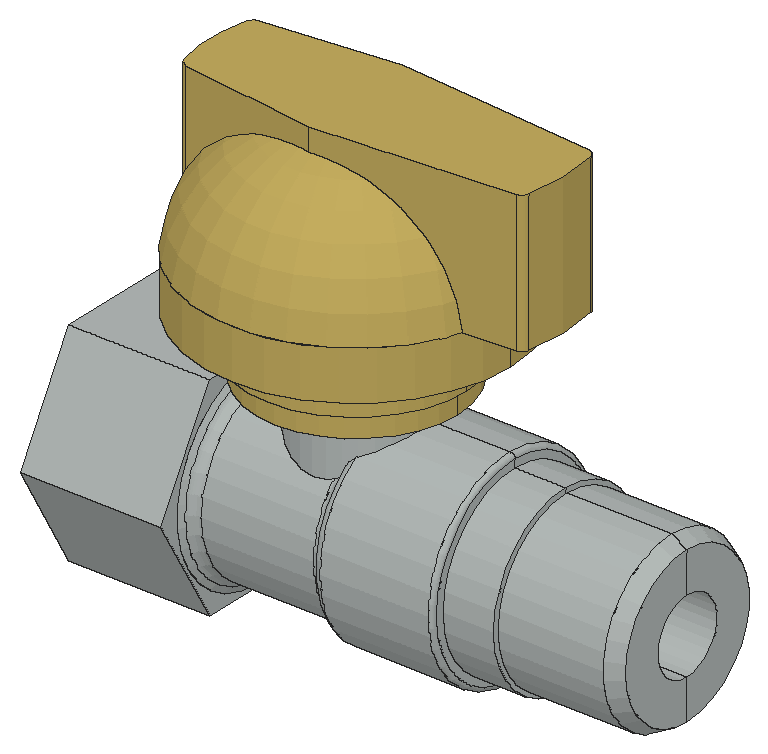
Revit family "QP21280000", category Apparecchi idraulici, Revit 2020
Family settings
  Quota connettore circolare = Usa diametro
  Tipo di parte = Normale
  Numero OmniClass = 23.45.00.00
  Titolo OmniClass = Sanitary, Laundry, and Cleaning Equipment
  Basato su piano di lavoro = No
  Sempre verticale = Sì
  Taglio con vuoti quando caricato = No
  Condiviso = No
  Punto di calcolo locali = No
Parameters
  URL = "https://web.cimberio.com/index.php/figura/840?subcategoria_id="
  Temperatura di esercizio = "-20 ÷ 60°C"
  Prospetto di default = 0 mm
  Produttore = "CIMBERIO SPA"
  Pressione nominale = "MOP 5"
  Modello = "Cim 173PG"
  Materiale = "Prodotto in lega di ottone conforme alla norma EN 12165-CW617N-DW"
  Descrizione = "Utilizzato nell’impiantistica distributiva di gas a bassa pressione per le categorie:\r\nGas naturali: gas derivati dal petrolio (Metano) e gas di ricambio.\r\nGas di città: prodotti secondo i diversi procedimenti (Cracking - Cokerie - ecc.).\r\nGas liquidi: propano e miscele di gas propano/butano"
  DN Model [instance] = QP21282102 : QP21282102
  DN [instance] = 9 mm
  Commenti sul tipo = "Realizzato in ottemperanza ai requisiti gestionali della norma EN ISO 9001.\r\nCollaudato al 100% secondo la normativa EN 12266-1"
Reference planes
  plane 1 "Centro (Fronte/Retro)": y = 0
  plane 2: z = 0
  plane 3 "Centro (Sinistra/Destra)": x = 0
Dimensions and locks
  aligned and locked: level to plane 2
Nested families
  nested 1: "QP21282102" at (0, 0, 0), type <- "DN Model", type "QP21282102"
  nested 2: "QP21282102" at (0, 0, 0), type <- "DN Model", type "QP21282102"
  nested 3: "QP21282102" at (0, 0, 0), type <- "DN Model", type "QP21282102"
  nested 4: "QP21282102" at (0, 0, 0), type <- "DN Model", type "QP21282102"
Connectors
  piping at (40.3, 0, 0), diameter 9, driven by "DN"
    settings: on nested 1, index 1, connector inside diameter 609.6 mm, connector length 0 mm, flow factor 0, pipe flow 0.0 L/s, pressure drop 0.0 Pa, fitting loss kfactor 0, connector angle 0.00°, fixture units 0, engagement length 0 mm, angle of deflection 0.00°, flow configuration 0, flow direction 0, fitting loss method 0, system type 7, joint type 0, gender type 0, connector reference index -1, connector utility 0, adjustable connector no, is connector primary yes, connector description ""
  piping at (-29.233, 0, 0), diameter 9, driven by "DN"
    settings: on nested 1, index 2, connector inside diameter 609.6 mm, connector length 0 mm, flow factor 0, pipe flow 0.0 L/s, pressure drop 0.0 Pa, fitting loss kfactor 0, connector angle 0.00°, fixture units 0, engagement length 0 mm, angle of deflection 0.00°, flow configuration 0, flow direction 0, fitting loss method 0, system type 7, joint type 0, gender type 0, connector reference index -1, connector utility 0, adjustable connector no, is connector primary no, connector description ""
Definition of nested family "QP21282102"
  Parameters (values of type "QP21282102")
    URL = ""
    Default Elevation = 0 mm
    Manufacturer = ""
    Model = ""
    Description = ""
    Type Comments = ""
  Reference planes
    plane 1 "Centro (Fronte/Retro)": y = 0
    plane 2: z = 0
    plane 3 "Centro (Sinistra/Destra)": x = 0
  Forms (mm)
    Revolve 1, solid
      sketch origin (1.758, 0, 0) x (1, 0, 0) y (0, 0, 1)
        loop
          line (-0.754, 4.83) -> (7.416, 4.83) -> (7.416, 16.081) -> (-0.754, 16.081) -> (-0.754, 4.83)
        axis (-0.754, 16.081) -> (-0.754, 4.83)
      angle from 0 to 360
    Revolve 2, solid
      sketch origin (0, 0, 0) x (1, 0, 0) y (0, 0, 1)
        loop
          arc (18.485, -12.494) -> (18.896, -12.324) -> (19.067, -11.912) r 0.582
          line (19.067, -11.912) -> (19.067, -11) -> (25.323, -11) -> (25.323, -4.5) -> (-16.666, -4.5) -> (-16.666, -12.527) -> (-12.115, -12.527) -> (-11.666, -11.75)
          arc (-11.666, -11.75) -> (-11.117, -11.201) -> (-10.367, -10.994) r 1.5
          line (-10.367, -10.994) -> (3.324, -10.994)
          arc (3.324, -10.994) -> (3.824, -11.128) -> (4.19, -11.494) r 1
          arc (4.19, -11.494) -> (4.647, -12.133) -> (5.344, -12.494) r 1.682
          line (5.344, -12.494) -> (18.485, -12.494)
        axis (-16.666, 0) -> (25.323, 0)
      angle from 0 to 360
    Revolve 3, solid
      sketch origin (0, 0, 0) x (1, 0, 0) y (0, 0, 1)
        loop
          line (25.067, 10.45) -> (25.067, 4.5) -> (40.067, 4.5) -> (40.067, 9.353) -> (38.167, 10.45) -> (25.067, 10.45)
        axis (40.067, 0) -> (25.067, 0)
      angle from 0 to 360
    Extrusion 4, solid
      sketch origin (0, 0, 0) x (0, 1, 0) y (0, 0, 1)
        loop
          circle (0, 0) r 4.5
        loop
          line (-14.9, 0) -> (-7.45, -12.904) -> (7.45, -12.904) -> (14.9, 0) -> (7.45, 12.904) -> (-7.45, 12.904) -> (-14.9, 0)
      from -29.233 to -12.115
  Dimensions and locks
    aligned and locked: level to plane 2
  Nested families
    nested 1: "MANIGLIA SICUREZZA PREMI E GIRA" at (0, 0, 14.3), type "MANIGLIA SICUREZZA PREMI E GIRA"
  Definition of nested family "MANIGLIA SICUREZZA PREMI E GIRA"
    Parameters (values of type "MANIGLIA SICUREZZA PREMI E GIRA")
      URL = ""
      Default Elevation = 0 mm
      Manufacturer = ""
      Model = ""
      Description = ""
      Type Comments = ""
    Reference planes
      plane 1 "Centro (Fronte/Retro)": y = 0
      plane 2: z = 0
      plane 3 "Centro (Sinistra/Destra)": x = 0
    Forms (mm)
      Revolve 1, solid
        sketch origin (0.744, 0, -12.594) x (1, 0, 0) y (0, 0, 1)
          loop
            line (11.362, 12.594) -> (11.362, 15.594) -> (12.523, 15.594) -> (12.523, 20.094) -> (17.823, 20.094) -> (17.823, 26.094)
            arc (17.823, 26.094) -> (14.02, 35.192) -> (5.793, 40.629) r 16.935
            line (5.793, 40.629) -> (-0.977, 40.629) -> (-0.977, 12.594) -> (11.362, 12.594)
          axis (-0.977, 12.594) -> (-0.977, 40.629)
        angle from 0 to 360
      Extrusion 2, solid
        sketch origin (1.758, 0, -12.55) x (1, 0, 0) y (0, 1, 0)
          loop
            arc (-19.114, 4.772) -> (-19.758, -0.042) -> (-19.091, -4.852) r 18
            arc (-19.091, -4.852) -> (-18.778, -5.343) -> (-18.244, -5.576) r 1
            line (-18.244, -5.576) -> (-1.755, -7.5) -> (21.908, -5.5)
            arc (21.908, -5.5) -> (22.493, -5.247) -> (22.806, -4.691) r 1
            arc (22.806, -4.691) -> (23.25, 0) -> (22.806, 4.691) r 25
            arc (22.806, 4.691) -> (22.489, 5.25) -> (21.897, 5.501) r 1
            line (21.897, 5.501) -> (-2.38, 7.425) -> (-18.27, 5.5)
            arc (-18.27, 5.5) -> (-18.802, 5.265) -> (-19.114, 4.772) r 1
        from 26.05 to 43.05
    Dimensions and locks
      aligned and locked: level to plane 2
